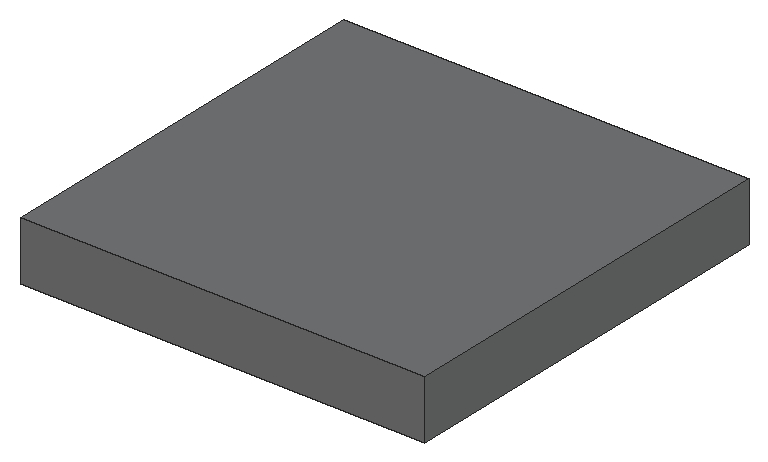
Revit family "Gira_536301", category Electrical Fixtures, host Face, Revit 2017
Family settings
  Host = Face
  Maintain Annotation Orientation = No
  Round Connector Dimension = Use Diameter
  Part Type = Normal
  Cut with Voids When Loaded = No
  Shared = No
  Room Calculation Point = No
Parameters (values of type "S3000 op.top Memory System 55 cr.white")
  With LED indication = "No"
  URL = "http://katalog.gira.de/en/datenblatt.html?artikelnr=536301"
  Transparent = "No"
  Suitable for application with venetian shutter switch = "Yes"
  Suitable for application with switch = "No"
  Suitable for application with dimmer = "No"
  Number of actuation points = "4"
  Name = "S3000 op.top Memory System 55 cr.white"
  Manufacturer URL = "https://www.gira.de/"
  Manufacturer = "Gira"
  Keynote = ""
  HeinzeBIM = "https://bimportal.heinze.de/bim/s3000-op-top-memory-system-55-cr-white/05ac1c900dc0953f76f2198d1edb36542a7b9d37"
  HAN = "536301"
  GTIN = "4010337027348"
  Description = "S3000 op.top Memory Sys55 CW,System 3000 operating top unit Memory,,cream white glossy,Features:,- Save a time for raising and lowering blinds or a switch-on and switch-off time. In memory mode, these switching times are repeated every 24 hours.,- The blocking function blocks operation of the auxiliary unit and deactivates memory mode.,- Adjustbable night mode. Status LED and function LED are not lit up continuously."
  Default Elevation = 1219.2 mm
  Data sheet (1) = "https://katalog.gira.de/en/download.html?artikelnr=536301"
  Category = "Intelligent control element"
  BIM (1) = "https://media.stage.bim.site/public/gira/36a6b08/Sys55_Abdeckung_Schalten und Tasten.rfa?public/gira/36a6b08/Sys55_Abdeckung_Schalten und Tasten.rfa"
  Available = "No"
  Application = "Control of electrical users"
  Anthrazit [instance] = Anthrazit
Reference planes
  plane 1 "Center (Front/Back)": y = 0
  plane 2: z = 0
  plane 3 "Center (Left/Right)": x = 0
Forms (mm)
  Extrusion 1, solid, material "Anthrazit" <- "Anthrazit", detail levels fine
    sketch origin (0, 0, 0) x (1, 0, 0) y (0, 1, 0)
      loop
        line (-27.5, 27.5) -> (-27.5, -27.5) -> (27.5, -27.5) -> (27.5, 27.5) -> (-27.5, 27.5)
    from 0 to 8
  Extrusion 2, void
    sketch origin (0, 0, 0) x (1, 0, 0) y (0, 1, 0)
      loop
        line (26, 26) -> (-26, 26) -> (-26, -26) -> (26, -26) -> (26, 26)
    from 0 to 6
  Extrusion 3, solid, material "Anthrazit" <- "Anthrazit", detail levels medium
    sketch origin (0, 0, 0) x (1, 0, 0) y (0, 1, 0)
      loop
        line (-27.5, 27.5) -> (-27.5, -27.5) -> (27.5, -27.5) -> (27.5, 27.5) -> (-27.5, 27.5)
    from 0 to 8
  Extrusion 4, solid, material "Anthrazit" <- "Anthrazit", detail levels medium
    sketch origin (0, 0, 0) x (1, 0, 0) y (0, 1, 0)
      loop
        line (11, -17.5) -> (11, 17.5) -> (-11, 17.5) -> (-11, -17.5) -> (11, -17.5)
    from -6 to 6
  Extrusion 5, solid, material "Anthrazit" <- "Anthrazit", detail levels fine
    sketch origin (0, 0, 0) x (1, 0, 0) y (0, 1, 0)
      loop
        line (11, 17.5) -> (-11, 17.5) -> (-11, 16.5) -> (11, 16.5) -> (11, 17.5)
      loop
        line (-11, -16.5) -> (-11, -17.5) -> (11, -17.5) -> (11, -16.5) -> (-11, -16.5)
    from -4 to 6
  Extrusion 6, solid, material "Anthrazit" <- "Anthrazit", detail levels fine
    sketch origin (0, 0, 0) x (1, 0, 0) y (0, 1, 0)
      loop
        arc (5, 9.347) -> (0, 10.6) -> (-5, 9.347) r 10.6
        line (-5, 9.347) -> (-5, -9.347)
        arc (-5, -9.347) -> (0, -10.6) -> (5, -9.347) r 10.6
        line (5, -9.347) -> (5, 9.347)
    from -6 to 6
  Extrusion 7, solid, material "Anthrazit" <- "Anthrazit", detail levels coarse
    sketch origin (0, 0, 0) x (1, 0, 0) y (0, 1, 0)
      loop
        line (-27.5, 27.5) -> (-27.5, -27.5) -> (27.5, -27.5) -> (27.5, 27.5) -> (-27.5, 27.5)
    from -6 to 8
Cuts and joins
  Extrusion 2 cuts Extrusion 1
Dimensions and locks
  aligned and locked: plane 2 to host face
  aligned and locked: level to host face
